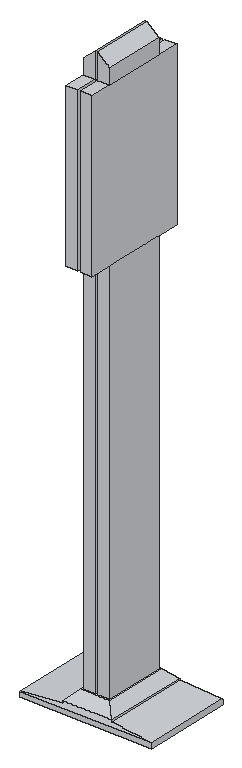
Revit family "Building-RicaricaVeicoliElettrici-GEWISS-JOINON-ICON_SUPPORTO-PAVIM-BIFACC", category Apparecchi elettrici, host Superficie, Revit 2019
Family settings
  Host = Superficie
  Mantenere orientamento annotazione = Sì
  Quota connettore circolare = Usa diametro
  Tipo di parte = Normale
  Taglio con vuoti quando caricato = No
  Condiviso = No
  Punto di calcolo locali = Sì
Parameters (values of type "GWJ8103 - SUPPORTO PAVIMENTO I-CON  BIFACCIALE")
  visibilita posizionamento 2d [instance] = yes
  simbolo acceso [instance] = yes
  oggetto in pianta [instance] = not(visibilita posizionamento 2d)  # no
  distanza_simbolo [instance] = 1 mm
  distanza dal piano [instance] = 10 mm
  W = 115 mm  # constant formula
  Voltaggio = 0 V
  Versione file RFA = "19.4"
  VETRO = Vetro
  URL = "https://www.gewiss.com/it/it"
  Spostamento_effettivo_S [instance] = 4000 mm - Spostamento_S  # 2500 mm
  Spostamento_S = 1500 mm
  Simbolo circuito [instance] = not(simbolo acceso)  # no
  Scheda Tecnica = "https://www.gewiss.com/it/it/search?q=GWJ8103"
  STRUTTURA ALTA = blue
  STRUTTURA = RAL - 7035
  Default Elevation = 1219.2 mm
  Produttore = "GEWISS S.p.A."
  PRESA = Giallo
  POMELLO = bianco
  N.poli = 1
  Modello = "GWJ8103"
  L = 155 mm  # constant formula
  Immagine tipo = ICON_SUPP_BI.jpg
  IDT = "c8e419b7-85e3-4455-b847-1a1252f0ba31"
  IDF = "8f4bcdbc-0f62-4252-8c45-9738275bca0f"
  FORMULA = 1000 mm * 1  # 1000 mm
  Descrizione: = "Supporto pavimento I-CON - bifacciale"
  Descrizione = "SUPPORTO PAVIMENTO I-CON  BIFACCIALE"
  Creato da GEWISS S.p.A. = ""
  Codice Electrocod = "2242"
  Codice EAN = "8034035071386"
  Catalogo = "E-MOBILITY"
  COBie.Tagnumber = ""
  COBie.CreatedOn = ""
  COBie.CreatebBy = ""
  COBie.ComponentRegisterItemID = ""
  COBie.Component.TagNumber = ""
  COBie.Component.Space = ""
  COBie.Component.SerialNumber = ""
  COBie.Component.InstallationDate = ""
  COBie.Component.Description = ""
  COBie.Component.BarCode = ""
  BLOCCO = "B=C"
  Adatto per = "WallBox I-CON"
Reference planes
  plane 1 "Centro (Fronte/Retro)": y = 0
  plane 2: z = 0
  plane 3 "Centro (Sinistra/Destra)": x = 0
  plane 4: x = -3000
  plane 5: x = -500
  plane 6: z = 10
Dimensions and locks
  plane 4 to plane 3 "Centro (Sinistra/Destra)" = 3000 mm
  "Spostamento_effettivo_S": plane 4 to plane 5
  "distanza dal piano": plane 6 to plane 2
  aligned and locked: plane 2 to host face
  aligned and locked: level to host face
Automatic sketch dimensions
  host sketch curve to host sketch curve = 2438.4 mm  (x2)
Nested families
  nested 1: "I-CON_SUPPORTO BIFACCIALE_BASE" at (0, 0, 0) x (0, 1, 0) z (0, 0, 1), type "I-CON_SUPPORTO BIFACCIALE_BASE"
Definition of nested family "I-CON_SUPPORTO BIFACCIALE_BASE"
  Parameters (values of type "I-CON_SUPPORTO BIFACCIALE_BASE")
    h_struttura = 1361.1 mm
    h_faccia = 930.5 mm
    h_Faccia = 369.5 mm
    POTENZA IN WOLT = 0 V
    N_POLI = 1
    Larghezza_struttura = 139.672 mm
    Larghezza_faccia = 240.108 mm
    CENTRALE = none
  Reference planes
    plane 1 "Centro (Fronte/Retro)": y = 0
    plane 2: z = 0
    plane 3 "Centro (Sinistra/Destra)": x = 0
    plane 4 "EEE": through (4267.2, -291.041, 143.375) normal (0, -0.788, -0.6157)
    plane 5: x = -69.836
    plane 6: x = 69.836
    plane 7: x = -120.054
    plane 8: x = 120.054
    plane 9: z = 930.5
  Forms (mm)
    Extrusion 1, solid
      sketch origin (0, 0, 0) x (1, 0, 0) y (0, 0, 1)
        loop
          line (69.836, 45) -> (69.836, 930.5) -> (-69.836, 930.5) -> (-69.836, 45) -> (69.836, 45)
      from 0 to 27
    Extrusion 2, solid
      sketch origin (0, 0, 0) x (1, 0, 0) y (0, 0, 1)
        loop
          line (-120.054, 930.5) -> (120.054, 930.5) -> (120.054, 1300) -> (-120.054, 1300) -> (-120.054, 930.5)
      from 0 to 27
    Extrusion 3, solid
      sketch origin (0, 0, 0) x (1, 0, 0) y (0, 0, 1)
        loop
          line (-73.836, 45) -> (-95.836, 23) -> (-100.836, 10.27) -> (-100.836, 0) -> (101.164, 0) -> (101.164, 9.889) -> (96.164, 23) -> (74.164, 45) -> (-73.836, 45)
      from -153 to 147
    Extrusion 4, void
      sketch origin (0, 0, 0) x (0, 1, 0) y (0, 0, 1)
        loop
          line (-53, 23) -> (-31, 45) -> (-147, 45) -> (-147, 11.788)
          arc (-147, 11.788) -> (-100.08, 16.765) -> (-53, 19.893) r 1200
          line (-53, 19.893) -> (-53, 23)
      from -112.173 to 250
    Extrusion 5, void
      sketch origin (0, 6, 0) x (0, -1, 0) y (0, 0, -1)
        loop
          line (-53, -23) -> (-53, -19.893)
          arc (-53, -19.893) -> (-100.08, -16.765) -> (-147, -11.788) r 1200
          line (-147, -11.788) -> (-147, -45) -> (-31, -45) -> (-53, -23)
      from -112.173 to 250
    Extrusion 6, solid
      sketch origin (0, 0, 0) x (1, 0, 0) y (0, 0, 1)
        loop
          line (69.836, 1300) -> (69.836, 1359.3) -> (-69.836, 1359.3) -> (-69.836, 1300) -> (69.836, 1300)
      from 0 to 27
    Extrusion 7, void
      sketch origin (0, 0, 0) x (0, 1, 0) y (0, 0, 1)
        loop
          line (0, 1359.3) -> (-27, 1359.3) -> (-27, 1334.306) -> (0, 1359.3)
        loop
          line (6, 1359.3) -> (33, 1334.306) -> (33, 1359.3) -> (6, 1359.3)
      from -93.756 to 250
    Extrusion 8, solid
      sketch origin (0, 33, 0) x (1, 0, 0) y (0, 0, 1)
        loop
          line (-120.054, 930.5) -> (120.054, 930.5) -> (120.054, 1300) -> (-120.054, 1300) -> (-120.054, 930.5)
      from 0 to 27
    Extrusion 9, solid
      sketch origin (0, 33, 0) x (1, 0, 0) y (0, 0, 1)
        loop
          line (69.836, 1300) -> (69.836, 1359.3) -> (-69.836, 1359.3) -> (-69.836, 1300) -> (69.836, 1300)
      from 0 to 27
    Extrusion 10, solid
      sketch origin (0, 33, 0) x (1, 0, 0) y (0, 0, 1)
        loop
          line (69.836, 45) -> (69.836, 930.5) -> (-69.836, 930.5) -> (-69.836, 45) -> (69.836, 45)
      from 0 to 27
  Cuts and joins
    Extrusion 4, Extrusion 5 cuts Extrusion 3
    Extrusion 7 cuts Extrusion 6
    Extrusion 7 cuts Extrusion 9
  Dimensions and locks
    equal spacing: plane 5, plane 3 "Centro (Sinistra/Destra)", plane 6
    "Larghezza_struttura": plane 5 to plane 6
    equal spacing: plane 7, plane 3 "Centro (Sinistra/Destra)", plane 8
    "Larghezza_faccia": plane 7 to plane 8
    "h_faccia": plane 9 to level
    aligned and locked: level to plane 2
    aligned and locked: Extrusion 1 sketch curve to plane 6
    aligned and locked: Extrusion 1 sketch curve to plane 5
    aligned and locked: Extrusion 1 sketch curve to plane 9
    aligned and locked: Extrusion 2 sketch curve to plane 7
    aligned and locked: Extrusion 2 sketch curve to plane 8
    aligned and locked: Extrusion 2 sketch curve to plane 9
  Automatic sketch dimensions
    level to Extrusion 1 sketch curve = 45 mm
    Extrusion 2 sketch curve to plane 9 = 369.5 mm
    Extrusion 3 sketch curve to level = 0 mm
    Extrusion 3 sketch curve to plane 7 = 19.218 mm
    Extrusion 3 sketch curve to Extrusion 3 sketch curve = 5 mm  (x2)
    plane 5 to Extrusion 3 sketch curve = 4 mm
    Extrusion 3 sketch curve to plane 6 = 4.328 mm
    plane 8 to Extrusion 3 sketch curve = 23.89 mm
    Extrusion 3 sketch curve to Extrusion 3 sketch curve = 9.889 mm
    Extrusion 3 sketch curve to Extrusion 3 sketch curve = 10.27 mm
    Extrusion 3 sketch curve to Extrusion 3 sketch curve = 12.73 mm
    Extrusion 3 sketch curve to Extrusion 3 sketch curve = 13.111 mm
    Extrusion 3 sketch curve to Extrusion 3 sketch curve = 22 mm
    level to Extrusion 4 sketch curve = 11.788 mm
    plane 1 "Centro (Fronte/Retro)" to Extrusion 4 sketch curve = 147 mm
    level to Extrusion 4 sketch curve = 19.893 mm
    plane 1 "Centro (Fronte/Retro)" to Extrusion 4 sketch curve = 53 mm
    plane 1 "Centro (Fronte/Retro)" to Extrusion 4 sketch curve = 31 mm
    Extrusion 4 sketch curve to plane 1 "Centro (Fronte/Retro)" = 3 mm
    Extrusion 4 sketch curve to Extrusion 4 sketch curve = 3.107 mm
    Extrusion 4 sketch curve to Extrusion 4 sketch curve = 22 mm
    Extrusion 5 sketch curve to level = 11.788 mm
    plane 1 "Centro (Fronte/Retro)" to Extrusion 5 sketch curve = 153 mm
    Extrusion 5 sketch curve to level = 19.893 mm
    plane 1 "Centro (Fronte/Retro)" to Extrusion 5 sketch curve = 59 mm
    Extrusion 5 sketch curve to Extrusion 5 sketch curve = 22 mm  (x2)
    plane 1 "Centro (Fronte/Retro)" to Extrusion 5 sketch curve = 3 mm
    Extrusion 5 sketch curve to Extrusion 5 sketch curve = 3.107 mm
    Extrusion 6 sketch curve to plane 5 = 0 mm
    Extrusion 6 sketch curve to plane 6 = 0 mm
    Extrusion 6 sketch curve to plane 9 = 369.5 mm
    Extrusion 6 sketch curve to Extrusion 6 sketch curve = 59.3 mm
    Extrusion 7 sketch curve to plane 1 "Centro (Fronte/Retro)" = 0 mm
    plane 1 "Centro (Fronte/Retro)" to Extrusion 7 sketch curve = 27 mm
    Extrusion 7 sketch curve to plane 1 "Centro (Fronte/Retro)" = 6 mm
    Extrusion 7 sketch curve to Extrusion 7 sketch curve = 27 mm
    Extrusion 7 sketch curve to plane 9 = 403.806 mm
    Extrusion 7 sketch curve to Extrusion 7 sketch curve = 0 mm
    Extrusion 7 sketch curve to Extrusion 7 sketch curve = 24.994 mm  (x2)
    plane 7 to Extrusion 8 sketch curve = 0 mm
    plane 8 to Extrusion 8 sketch curve = 0 mm
    Extrusion 8 sketch curve to plane 9 = 0 mm
    Extrusion 8 sketch curve to plane 9 = 369.5 mm
    Extrusion 9 sketch curve to plane 5 = 0 mm
    Extrusion 9 sketch curve to plane 6 = 0 mm
    Extrusion 9 sketch curve to plane 9 = 369.5 mm
    Extrusion 9 sketch curve to Extrusion 9 sketch curve = 59.3 mm
    plane 5 to Extrusion 10 sketch curve = 0 mm
    plane 6 to Extrusion 10 sketch curve = 0 mm
    Extrusion 10 sketch curve to plane 9 = 0 mm
    level to Extrusion 10 sketch curve = 45 mm
